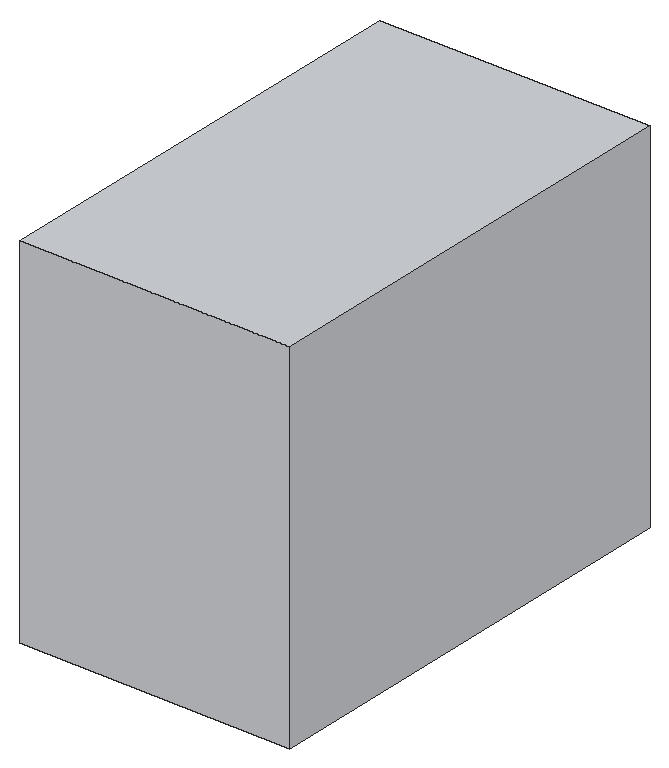
Revit family "XXX_RLT-Gerät_Erhitzer elektrisch", category HLS-Bauteile, Revit 2014
Parameters (values of type "Allgemein")
  Breite = 500 mm
  Druckverlust [instance] = 0.00 in-wg
  Länge = 300 mm
  Höhe = 400 mm
  Widerstandsbeiwert [instance] = 0
Reference planes
  plane 1 "Mitte (Vorne/Hinten)": y = 0
  plane 2: z = 0
  plane 3 "Mitte (Links/Rechts)": x = 0
  plane 4: y = 250
  plane 5: y = -250
  plane 6: x = -150
  plane 7: x = 150
  plane 8: z = 200
  plane 9: z = -200
  plane 10: z = 230
  plane 11: y = -280
  plane 12: z = -230
  plane 13: y = 280
  plane 14: x = -145
  plane 15: x = 145
Forms (mm)
  Extrusion 1, solid, detail levels medium+fine
    sketch origin (-150, 397.271, 1219.2) x (0, 1, 0) y (0, 0, 1)
      loop
        line (-147.271, -1019.2) -> (-647.271, -1019.2) -> (-647.271, -1419.2) -> (-147.271, -1419.2) -> (-147.271, -1019.2)
    from 0 to 300
Lines and regions (mm)
  model lines, detail levels coarse
    curve 1: line (-150, 250, 0) -> (150, 250, 0)
    curve 2: line (-150, -250, 0) -> (-150, 250, 0)
    curve 3: line (150, -250, 0) -> (-150, -250, 0)
    curve 4: line (150, 250, 0) -> (150, -250, 0)
    curve 5: line (-150, -250, 0) -> (150, 250, 0)
    curve 9: line (-150, 0, 200) -> (150, 0, 200)
    curve 10: line (-150, 0, -200) -> (-150, 0, 200)
    curve 11: line (150, 0, -200) -> (-150, 0, -200)
    curve 12: line (150, 0, 200) -> (150, 0, -200)
    curve 13: line (-145, 0, -200) -> (145, 0, 200)
    curve 14: line (0, 250, 200) -> (0, -250, 200)
    curve 15: line (0, 250, -200) -> (0, 250, 200)
    curve 16: line (0, -250, -200) -> (0, 250, -200)
    curve 17: line (0, -250, 200) -> (0, -250, -200)
  model lines, detail levels medium+fine
    curve 6: line (-145, -241.667, 200) -> (145, 241.667, 200)
    curve 7: line (-145, -250, -200) -> (145, -250, 200)
    curve 8: line (-145, 250, -200) -> (145, 250, 200)
    curve 18: line (145, -241.667, 200) -> (-145, 241.667, 200)
Dimensions and locks
  equal spacing: plane 6, plane 3 "Mitte (Links/Rechts)", plane 7
  "Länge": plane 6 to plane 7
  equal spacing: plane 5, plane 1 "Mitte (Vorne/Hinten)", plane 4
  equal spacing: plane 8, level, plane 9
  "Höhe": plane 8 to plane 9
  "Breite": plane 5 to plane 4
  plane 10 to plane 8 = 30 mm
  plane 12 to plane 9 = 30 mm
  plane 13 to plane 4 = 30 mm
  plane 5 to plane 11 = 30 mm
  plane 6 to plane 14 = 5 mm
  plane 15 to plane 7 = 5 mm
  aligned and locked: plane 2 to level
  aligned and locked: plane 7 to Extrusion 1
  aligned and locked: Extrusion 1 to plane 6
  aligned and locked: plane 8 to Extrusion 1
  aligned and locked: plane 9 to Extrusion 1
  aligned and locked: plane 5 to Extrusion 1
  aligned and locked: plane 4 to Extrusion 1
  aligned and locked: curve 1 to Extrusion 1
  aligned and locked: curve 2 to Extrusion 1
  aligned and locked: curve 3 to Extrusion 1
  aligned and locked: curve 4 to Extrusion 1
  aligned and locked: curve 5 to curve 6
  aligned and locked: curve 6 to curve 7
  aligned and locked: plane 14 to curve 7
  aligned and locked: curve 8 to curve 7
  aligned and locked: curve 9 to Extrusion 1
  aligned and locked: curve 10 to Extrusion 1
  aligned and locked: curve 11 to Extrusion 1
  aligned and locked: curve 12 to Extrusion 1
  aligned and locked: curve 14 to Extrusion 1
  aligned and locked: curve 15 to curve 8
  aligned and locked: curve 16 to Extrusion 1
  aligned and locked: curve 17 to curve 7
Automatic sketch dimensions
  Extrusion 1 sketch curve to plane 5 = 0 mm
  Extrusion 1 sketch curve to plane 4 = 0 mm
  plane 9 to Extrusion 1 sketch curve = 0 mm
  Extrusion 1 sketch curve to plane 8 = 0 mm
  curve 18 to plane 15 = 0 mm
  curve 6 to plane 14 = 0 mm
  curve 18 to plane 14 = 0 mm
  curve 6 to plane 15 = 0 mm
  curve 18 to plane 5 = 8.333 mm
  curve 18 to plane 4 = 8.333 mm
  curve 7 to plane 15 = 0 mm
  curve 7 to plane 9 = 0 mm
  curve 8 to plane 8 = 0 mm
  curve 8 to plane 9 = 0 mm
  curve 13 to plane 14 = 0 mm
  curve 13 to plane 15 = 0 mm
Connectors
  hvac at (-150, 0, 0), driven by "Widerstandsbeiwert", driven by "Höhe", driven by "Breite"
    settings: on Extrusion 1, index 1, duct flow 0 CFM, flow factor 0, pres drop 0.00 in-wg, loss coef 0, conn angle 0.00°, conn width 500 mm, conn height 400 mm, conn diameter 609.6 mm, duct sys type 29, conn prof type 1, flow config 0, flow direction 0, loss method 6, conn ref index 2, conn util no, is conn primary yes, conn desc ""
  hvac at (150, 0, 0), driven by "Widerstandsbeiwert", driven by "Breite", driven by "Höhe"
    settings: on Extrusion 1, index 2, duct flow 0 CFM, flow factor 0, pres drop 0.00 in-wg, loss coef 0, conn angle 0.00°, conn width 500 mm, conn height 400 mm, conn diameter 609.6 mm, duct sys type 29, conn prof type 1, flow config 0, flow direction 0, loss method 6, conn ref index 1, conn util no, is conn primary no, conn desc ""
  electrical at (0, -250, 0)
    settings: on Extrusion 1, index 3, voltage 0 V, apparent load 0 VA, apparent load phase1 0 VA, apparent load phase2 0 VA, apparent load phase3 0 VA, power factor 1, load classification "Andere", number of poles 1, system type 30, power factor state 1, is connector primary yes, connector utility no, sub classification motor no, connector description ""
